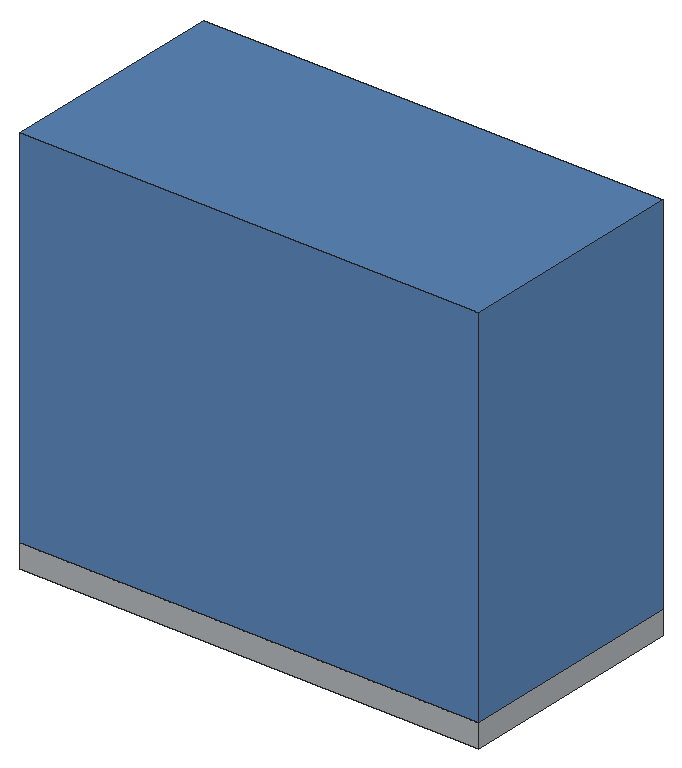
Revit family "LD_Air Compressor (Screw)", category Mechanical Equipment, Revit 2025
Family settings
  Round Connector Dimension = Use Diameter
  Part Type = Normal
  OmniClass Number = 23.75.00.00
  OmniClass Title = Climate Control (HVAC)
  Work Plane-Based = No
  Always vertical = Yes
  Cut with Voids When Loaded = No
  Maintain Annotation Orientation = No
  Shared = No
  Room Calculation Point = No
Parameters (values of type "37 kW")
  EL Voltage [instance] = 400 V
  EL Number of Poles [instance] = 3
  EL Apparent Load [instance] = 43500 VA
  Default Elevation = 0 mm
Reference planes
  plane 1 "Center (Front/Back)": y = 0
  plane 2: z = 0
  plane 3 "Center (Left/Right)": x = 0
Forms (mm)
  Extrusion 1, solid, material "Machine Steel"
    sketch origin (0, 0, 0) x (1, 0, 0) y (0, 1, 0)
      loop
        line (-1000, -500) -> (1000, -500) -> (1000, 500) -> (-1000, 500) -> (-1000, -500)
    from 0 to 100
  Extrusion 2, solid, material "Compressor Blue"
    sketch origin (0, 0, 100) x (1, 0, 0) y (0, 1, 0)
      loop
        line (-1000, -500) -> (1000, -500) -> (1000, 500) -> (-1000, 500) -> (-1000, -500)
    from 0 to 1600
Dimensions and locks
  aligned and locked: level to plane 2
Connectors
  electrical at (0, 0, 1700), driven by "EL Voltage", driven by "EL Number of Poles", driven by "EL Apparent Load"
    settings: on Extrusion 2, index 1, voltage 400 V, apparent load 43500 VA, apparent load phase1 0 VA, apparent load phase2 0 VA, apparent load phase3 0 VA, power factor 0.85, load classification "Other", number of poles 3, system type 30, power factor state 1, is connector primary yes, connector utility no, sub classification motor no, connector description ""
